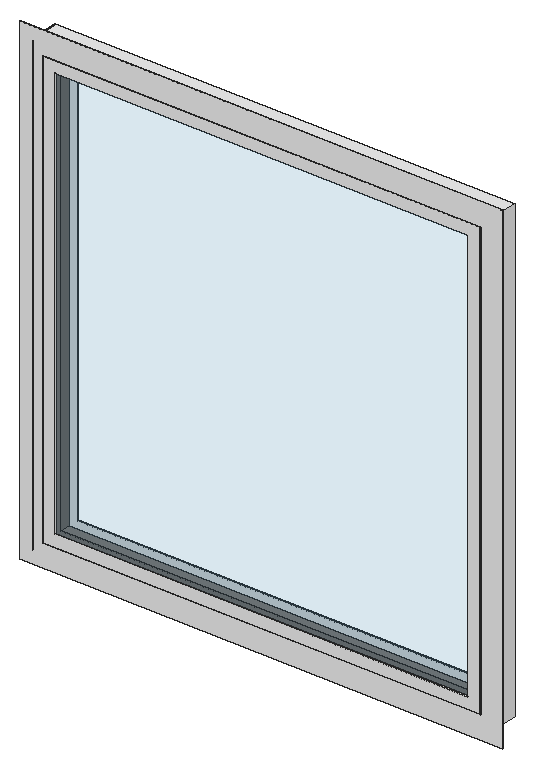
Revit family "Casement_34_E_Side_Hung_Standard", category Windows, host Wall, Revit 2014
Parameters (values of type "Casement_Sash_DG")
  Width Sash [instance] = 30 mm
  Width Sash Inner = 15 mm
  Width Bead = 15 mm
  Top Hung [instance] = yes
  Side Hung Right [instance] = yes
  Side Hung Left [instance] = yes
  Sash Opening Width [instance] = 600 mm
  Sash Opening Height [instance] = 600.312 mm
  Sash Lip = 15 mm
  Glazing Material [instance] = Glass
  DG Start Piece 2 [instance] = DG End Piece 1 + DG Gasket Thickness  # 25 mm
  DG Start Peice 1 [instance] = (Depth Sash - (2 * DG Glazing Thickness) - DG Gasket Thickness) / 2  # 6.6 mm
  Glazing Offset = 5 mm
  DG Glazing Thickness [instance] = 6.4 mm
  DG Gasket Thickness = 12 mm  # constant formula
  DG Gasket Material [instance] = Double Glazing Gasket Material
  DG End Piece 2 [instance] = DG Start Piece 2 + DG Glazing Thickness  # 31.4 mm
  DG End Piece 1 [instance] = DG Start Peice 1 + DG Glazing Thickness  # 13 mm
  Depth Sash [instance] = 38 mm
  Center Vertical Sash [instance] = Sash Opening Height / 2  # 300.156 mm
  Center Horizontal Sash [instance] = Sash Opening Width / 2  # 300 mm
  Bottom Hung [instance] = yes
  Bead Offset = 15 mm
  Aluminium Thickness = 1 mm
  Aluminium Material [instance] = White Powder Coated Aluminium
Reference planes
  plane 1 "Center (Front/Back)": y = 0
  plane 2: z = 0
  plane 3 "Center (Left/Right)": x = 0
Forms (mm)
  Sweep 1, solid, material "White Powder Coated Aluminium" <- "Aluminium Material"
    path origin (16.177, 0, 121.331) x (1, 0, 0) y (0, 0, 1)
      loop
        line (0, 0) -> (600, 0) -> (600, 600.312) -> (0, 600.312) -> (0, 0)
    profile origin (316.177, 0, 121.331) x (0, 0, 1) y (0, -1, 0)
      loop
        line (0, 0) -> (30, 0) -> (30, 1) -> (15, 1) -> (15, 38) -> (-15, 38) -> (-15, 37) -> (0, 37) -> (0, 0)
      loop
        line (14, 1) -> (14, 37) -> (1, 37) -> (1, 1) -> (14, 1)
  Sweep 2, solid, material "White Powder Coated Aluminium" <- "Aluminium Material"
    path origin (0, 0, 0) x (1, 0, 0) y (0, 0, 1)
      loop
        line (31.177, 706.643) -> (31.177, 136.331) -> (601.177, 136.331) -> (601.177, 706.643) -> (31.177, 706.643)
    profile origin (316.177, 0, 706.643) x (0, 0, 1) y (0, -1, 0)
      loop
        line (0, 37) -> (0, 38) -> (-15, 38) -> (-15, 37) -> (0, 37)
  Extrusion 3, solid, material "Glass" <- "Glazing Material"
    sketch origin (0, 0, 0) x (1, 0, 0) y (0, 0, 1)
      loop
        line (36.177, 701.643) -> (36.177, 141.331) -> (596.177, 141.331) -> (596.177, 701.643) -> (36.177, 701.643)
    from 6.6 <- "DG Start Peice 1" to 13 <- "DG End Piece 1"
  Extrusion 4, solid, material "Glass" <- "Glazing Material"
    sketch origin (0, 0, 0) x (1, 0, 0) y (0, 0, 1)
      loop
        line (36.177, 701.643) -> (36.177, 141.331) -> (596.177, 141.331) -> (596.177, 701.643) -> (36.177, 701.643)
    from 31.4 <- "DG End Piece 2" to 25 <- "DG Start Piece 2"
  Sweep 5, solid, material "Double Glazing Gasket Material" <- "DG Gasket Material"
    path origin (0, -13, 0) x (1, 0, 0) y (0, 0, 1)
      loop
        line (36.177, 701.643) -> (36.177, 141.331) -> (596.177, 141.331) -> (596.177, 701.643) -> (36.177, 701.643)
    profile origin (316.177, -13, 701.643) x (0, 0, 1) y (0, -1, 0)
      loop
        line (0, 0) -> (0, 12) -> (-7.96, 12) -> (-7.96, 0) -> (0, 0)
Lines and regions (mm)
  model lines
    curve 1: line (1.177, -38, 736.643) -> (31.177, -38, 706.643)
    curve 2: line (601.177, -38, 706.643) -> (631.177, -38, 736.643)
    curve 3: line (601.177, -38, 136.331) -> (631.177, -38, 106.331)
    curve 4: line (1.177, -38, 106.331) -> (31.177, -38, 136.331)
    curve 5: line (631.177, -37, 736.643) -> (616.177, -37, 721.643)
    curve 6: line (1.177, -37, 736.643) -> (16.177, -37, 721.643)
    curve 7: line (1.177, -37, 106.331) -> (16.177, -37, 121.331)
    curve 8: line (631.177, -37, 106.331) -> (616.177, -37, 121.331)
    curve 9: line (616.177, 0, 121.331) -> (586.177, 0, 151.331)
    curve 10: line (46.177, 0, 151.331) -> (16.177, 0, 121.331)
    curve 11: line (616.177, 0, 721.643) -> (586.177, 0, 691.643)
    curve 12: line (46.177, 0, 691.643) -> (16.177, 0, 721.643)
    curve 13: line (31.177, -38, 691.643) -> (46.177, -38, 691.643)
    curve 14: line (586.177, -38, 691.643) -> (601.177, -38, 691.643)
    curve 15: line (586.177, -38, 151.331) -> (601.177, -38, 151.331)
    curve 16: line (31.177, -38, 151.331) -> (46.177, -38, 151.331)
  model lines, style "GenericModelHiddenLines", visible <- "Top Hung"
    curve 17: line (46.386, -31.4, 690.914) -> (316.177, -31.4, 151.331)
    curve 18: line (316.177, -31.4, 151.331) -> (586.177, -31.4, 691.331)
  model lines, style "GenericModelHiddenLines", visible <- "Bottom Hung"
    curve 19: line (46.177, -31.4, 151.331) -> (316.177, -31.4, 691.331)
    curve 20: line (316.177, -31.4, 691.331) -> (586.177, -31.4, 151.331)
  model lines, style "GenericModelHiddenLines", visible <- "Side Hung Left"
    curve 21: line (46.386, -31.4, 690.914) -> (585.24, -31.4, 421.487)
    curve 22: line (585.24, -31.4, 421.487) -> (46.177, -31.4, 151.331)
  model lines, style "GenericModelHiddenLines", visible <- "Side Hung Right"
    curve 23: line (586.177, -31.4, 691.331) -> (46.177, -31.4, 421.487)
    curve 24: line (46.177, -31.4, 421.487) -> (586.177, -31.4, 151.331)
Dimensions and locks
  "Aluminium Thickness": Sweep 1 sketch curve to Sweep 1 sketch curve  (x4)
  "Depth Sash": Sweep 1 sketch curve to Sweep 1 sketch curve
  "Sash Opening Width": Sweep 1 to Sweep 1
  "Sash Opening Height": Sweep 1 to Sweep 1
  "Width Sash": Sweep 1 sketch curve to Sweep 1 sketch curve  (x2)
  "Width Sash Inner": Sweep 1 sketch curve to Sweep 1 sketch curve
  "Sash Lip": Sweep 1 sketch curve to Sweep 1 sketch curve
  "Aluminium Thickness": Sweep 1 to Sweep 2 sketch curve
  "Glazing Offset": Sweep 2 to Extrusion 3 sketch curve  (x3)
  "Glazing Offset": Extrusion 3 sketch curve to Sweep 2
  Sweep 1 to Sweep 1 = 1 mm
  "Aluminium Thickness": Sweep 2 sketch curve to Sweep 2 sketch curve
  "Width Bead": Sweep 2 sketch curve to Sweep 2 sketch curve
  locked: Sweep 5 sketch curve to Sweep 5 sketch curve at 7.96
  "Center Horizontal Sash": Sweep 1 to curve 18
  "Center Horizontal Sash": Sweep 1 to curve 20
  "Center Vertical Sash": Sweep 1 to curve 22
  "Center Vertical Sash": Sweep 1 to curve 24
  aligned and locked: level to plane 2
  aligned and locked: Sweep 1 sketch curve to Sweep 1 sketch curve  (x2)
  aligned and locked: Sweep 2 sketch curve to Sweep 1  (x5)
  aligned and locked: Extrusion 4 sketch curve to Extrusion 3  (x4)
  aligned and locked: Sweep 5 sketch curve to Extrusion 3  (x5)
  aligned and locked: Extrusion 3 to Sweep 5 sketch curve
Automatic sketch dimensions
  plane 3 "Center (Left/Right)" to Sweep 1 sketch curve = 16.177 mm
  level to Sweep 1 sketch curve = 121.331 mm
  plane 3 "Center (Left/Right)" to Sweep 1 sketch curve = 616.177 mm
  level to Sweep 1 sketch curve = 721.643 mm
  profile plane to Sweep 5 sketch curve = 12 mm
  curve 7 to Sweep 1 = 0 mm  (x4)
  curve 6 to Sweep 1 = 0 mm  (x3)
  Sweep 1 to curve 6 = 0 mm
  curve 5 to Sweep 1 = 0 mm  (x3)
  curve 8 to Sweep 1 = 0 mm  (x4)
  Sweep 1 to curve 5 = 0 mm
  curve 16 to Sweep 2 = 0 mm  (x3)
  curve 13 to Sweep 2 = 0 mm  (x3)
  curve 15 to Sweep 2 = 0 mm
  Sweep 2 to curve 15 = 0 mm  (x2)
  curve 14 to Sweep 2 = 0 mm  (x2)
  Sweep 2 to curve 14 = 0 mm
  curve 1 to Sweep 1 = 0 mm  (x4)
  curve 4 to Sweep 1 = 0 mm  (x3)
  Sweep 1 to curve 4 = 0 mm
  curve 3 to Sweep 1 = 0 mm  (x3)
  curve 2 to Sweep 1 = 0 mm  (x4)
  Sweep 1 to curve 3 = 0 mm
  curve 10 to Sweep 1 = 0 mm  (x4)
  curve 12 to Sweep 1 = 0 mm  (x3)
  Sweep 1 to curve 12 = 0 mm
  curve 9 to Sweep 1 = 0 mm  (x4)
  curve 11 to Sweep 1 = 0 mm  (x3)
  Sweep 1 to curve 11 = 0 mm
  Sweep 1 sketch curve to plane 1 "Center (Front/Back)" = 0 mm
  profile plane to Sweep 1 sketch curve = 0 mm
  curve 21 to Extrusion 4 = 10.208 mm
  curve 19 to Extrusion 4 = 10 mm
  curve 23 to Extrusion 4 = 10 mm  (x2)
  curve 22 to Extrusion 4 = 10.937 mm
  curve 20 to Extrusion 4 = 10 mm
  curve 24 to Extrusion 4 = 10 mm
  curve 22 to Extrusion 4 = 10 mm
  curve 18 to Extrusion 4 = 10 mm
  curve 21 to Extrusion 4 = 10.729 mm
  curve 19 to Extrusion 4 = 10.312 mm
  curve 18 to Extrusion 4 = 10.312 mm
Types in the file's own list only (17): name | Windload Design | Width Sash Opening | Width Sash | Width Profile | Width Fixed Pane RHS | Width Fixed Pane Bottom LHS | Width Panel 1 | Width | Offset Window Exterior | Max System DG Unit Thickness | Max System DG One Piece Thickness | Max Pane Area | Limit Fixed Pane Width Min | Limit Fixed Pane Width Max | Limit Fixed Pane Height Min | Limit Fixed Pane Height Max | Intruderprufe U Value | Intruderprufe SHGC Value | Intruderprufe LowE U Value | Intruderprufe LowE SHGC Value | Height | Energy Advantage U Value | Energy Advantage SHGC Value | DG Thickness Calc | Custom Window Width | Custom Window Height | Window Exterior Offset | Custom Windload | Custom Sash Width | Custom Sash Height | Sash Spacing Inner | Sash Overlap | Sash Center Offset | SG Gasket Thickness | Offset Sash Left | Offset Sash Top | Offset Panel 4 Left | Offset Panel 3 Bead Top | Offset Mullion Left | Offset Transom Top | Offset Bead SG Center Reversed | Model | Manufacturer | Limit Window Width Min | Limit Window Width Max | Limit Window Height Min | Limit Window Height Max | Limit Sash Width Min | Limit Sash Width Max | Limit Sash Height Min | Limit Sash Height Max | Length Transom | Length Mullion | Height Sash Opening | Height Sash | Height Fixed Pane RHS | Height Fixed Pane Bottom LHS | Height Panel 1 | Description | Depth Mullion | Frame Center Offset | Depth Bead | Default Sill Height | Wall Closure | DG Gasket Finish | DG Extrusion Start | Mullion Depth Windload Based | Clearvue SHGC Value | Clearvue Insulated U Value | Clearvue Insulated SHGC Value | Clearvue Insulated LowE U Value | Clearvue Insulated LowE SHGC Value | Casement Dimension | Bead SG Gap | Area Pane Right | Area Pane Left Top | Area Pane Left Bottom | URL
  34-0915S-1000Pa | 1000 mm | 554 mm | 524 mm | 30 mm | 260 mm | 540 mm | 540 mm | 890 mm | 17 mm | 20 mm | 4 mm | 0.52 m² | 200 mm | 1500 mm | 200 mm | 1800 mm | 6.35 | 0.599 | 5.04 | 0.537 | 1490 mm | 5.2 | 0.571 | 4 mm | 890 mm | 1490 mm | 0 mm | 1000 mm | 554 mm | 1154 mm | 8 mm | 7 mm | 14 mm | 6 mm | 23 mm | 23 mm | 600 mm | 1200 mm | 570 mm | 1170 mm | 17 mm | "Casement 34" | "Crealco" | 830 mm | 2130 mm | 1430 mm | 1860 mm | 300 mm | 700 mm | 300 mm | 1500 mm | 540 mm | 1490 mm | 1154 mm | 1124 mm | 1430 mm | 260 mm | 1139 mm | "Window 34mm, Type E side hung" | 54 mm | 17 mm | 20 mm | 800 mm | By host | Double Glazing Gasket Material | 7 mm | 54 mm | 0.636 | 4.37 | 0.586 | 4.01 | 0.517 | 34 mm | 13 mm | 0.36 m² | 0.52 m² | 0.13 m² | 
  34-0915S-1500Pa | 1500 mm | 554 mm | 524 mm | 30 mm | 260 mm | 540 mm | 540 mm | 890 mm | 17 mm | 20 mm | 4 mm | 0.52 m² | 200 mm | 1500 mm | 200 mm | 1800 mm | 6.35 | 0.599 | 5.04 | 0.537 | 1490 mm | 5.2 | 0.571 | 4 mm | 890 mm | 1490 mm | 0 mm | 1500 mm | 554 mm | 1154 mm | 8 mm | 7 mm | 14 mm | 6 mm | 23 mm | 23 mm | 600 mm | 1200 mm | 570 mm | 1170 mm | 17 mm | "Casement 34" | "Crealco" | 830 mm | 2130 mm | 1430 mm | 1860 mm | 300 mm | 700 mm | 300 mm | 1500 mm | 540 mm | 1490 mm | 1154 mm | 1124 mm | 1430 mm | 260 mm | 1139 mm | "Window 34mm, Type E side hung" | 54 mm | 17 mm | 20 mm | 800 mm | By host | Double Glazing Gasket Material | 7 mm | 54 mm | 0.636 | 4.37 | 0.586 | 4.01 | 0.517 | 34 mm | 13 mm | 0.36 m² | 0.52 m² | 0.13 m² | 
  34-0915S-2000Pa | 2000 mm | 554 mm | 524 mm | 30 mm | 260 mm | 540 mm | 540 mm | 890 mm | 17 mm | 20 mm | 4 mm | 0.52 m² | 200 mm | 1500 mm | 200 mm | 1800 mm | 6.35 | 0.599 | 5.04 | 0.537 | 1490 mm | 5.2 | 0.571 | 4 mm | 890 mm | 1490 mm | 0 mm | 2000 mm | 554 mm | 1154 mm | 8 mm | 7 mm | 14 mm | 6 mm | 23 mm | 23 mm | 600 mm | 1200 mm | 570 mm | 1170 mm | 17 mm | "Casement 34" | "Crealco" | 830 mm | 2130 mm | 1430 mm | 1860 mm | 300 mm | 700 mm | 300 mm | 1500 mm | 540 mm | 1490 mm | 1154 mm | 1124 mm | 1430 mm | 260 mm | 1139 mm | "Window 34mm, Type E side hung" | 54 mm | 17 mm | 20 mm | 800 mm | By host | Double Glazing Gasket Material | 7 mm | 54 mm | 0.636 | 4.37 | 0.586 | 4.01 | 0.517 | 34 mm | 13 mm | 0.36 m² | 0.52 m² | 0.13 m² | 
  34-1515S-1000Pa | 1000 mm | 554 mm | 524 mm | 30 mm | 860 mm | 540 mm | 540 mm | 1490 mm | 17 mm | 20 mm | 4 mm | 1.21 m² | 200 mm | 1500 mm | 200 mm | 1800 mm | 6.68 | 0.726 | 4.9 | 0.644 | 1490 mm | 5.08 | 0.689 | 4 mm | 1490 mm | 1490 mm | 0 mm | 1000 mm | 554 mm | 1154 mm | 8 mm | 7 mm | 14 mm | 6 mm | 23 mm | 23 mm | 600 mm | 1200 mm | 570 mm | 1170 mm | 17 mm | "Casement 34" | "Crealco" | 830 mm | 2130 mm | 1430 mm | 1860 mm | 300 mm | 700 mm | 300 mm | 1500 mm | 540 mm | 1490 mm | 1154 mm | 1124 mm | 1430 mm | 260 mm | 1139 mm | "Window 34mm, Type E side hung" | 54 mm | 17 mm | 20 mm | 800 mm | By host | Double Glazing Gasket Material | 7 mm | 54 mm | 0.769 | 4.15 | 0.694 | 3.57 | 0.621 | 34 mm | 13 mm | 1.21 m² | 0.52 m² | 0.13 m² | 
  34-1515S-1500Pa | 1500 mm | 554 mm | 524 mm | 30 mm | 860 mm | 540 mm | 540 mm | 1490 mm | 17 mm | 20 mm | 4 mm | 1.21 m² | 200 mm | 1500 mm | 200 mm | 1800 mm | 6.68 | 0.726 | 4.9 | 0.644 | 1490 mm | 5.08 | 0.689 | 4 mm | 1490 mm | 1490 mm | 0 mm | 1500 mm | 554 mm | 1154 mm | 8 mm | 7 mm | 14 mm | 6 mm | 23 mm | 23 mm | 600 mm | 1200 mm | 570 mm | 1170 mm | 17 mm | "Casement 34" | "Crealco" | 830 mm | 2130 mm | 1430 mm | 1860 mm | 300 mm | 700 mm | 300 mm | 1500 mm | 540 mm | 1490 mm | 1154 mm | 1124 mm | 1430 mm | 260 mm | 1139 mm | "Window 34mm, Type E side hung" | 54 mm | 17 mm | 20 mm | 800 mm | By host | Double Glazing Gasket Material | 7 mm | 54 mm | 0.769 | 4.15 | 0.694 | 3.57 | 0.621 | 34 mm | 13 mm | 1.21 m² | 0.52 m² | 0.13 m² | 
  34-1515S-2000Pa | 2000 mm | 554 mm | 524 mm | 30 mm | 860 mm | 540 mm | 540 mm | 1490 mm | 17 mm | 20 mm | 4 mm | 1.21 m² | 200 mm | 1500 mm | 200 mm | 1800 mm | 6.85 | 0.727 | 4.95 | 0.644 | 1490 mm | 5.16 | 0.689 | 4 mm | 1490 mm | 1490 mm | 0 mm | 2000 mm | 554 mm | 1154 mm | 8 mm | 7 mm | 14 mm | 6 mm | 23 mm | 23 mm | 600 mm | 1200 mm | 570 mm | 1170 mm | 17 mm | "Casement 34" | "Crealco" | 830 mm | 2130 mm | 1430 mm | 1860 mm | 300 mm | 700 mm | 300 mm | 1500 mm | 540 mm | 1490 mm | 1154 mm | 1124 mm | 1430 mm | 260 mm | 1139 mm | "Window 34mm, Type E side hung" | 70 mm | 17 mm | 20 mm | 800 mm | By host | Double Glazing Gasket Material | 7 mm | 70 mm | 0.77 | 4.27 | 0.684 | 3.61 | 0.623 | 34 mm | 13 mm | 1.21 m² | 0.52 m² | 0.13 m² | 
  34-0918S-1000Pa | 1000 mm | 554 mm | 524 mm | 30 mm | 260 mm | 540 mm | 540 mm | 890 mm | 17 mm | 20 mm | 4 mm | 0.52 m² | 200 mm | 1500 mm | 200 mm | 1800 mm | 6.65 | 0.646 | 5.23 | 0.577 | 1790 mm | 5.39 | 0.615 | 4 mm | 890 mm | 1790 mm | 0 mm | 1000 mm | 554 mm | 1154 mm | 8 mm | 7 mm | 14 mm | 6 mm | 23 mm | 23 mm | 600 mm | 1200 mm | 570 mm | 1170 mm | 17 mm | "Casement 34" | "Crealco" | 830 mm | 2130 mm | 1430 mm | 1860 mm | 300 mm | 700 mm | 300 mm | 1500 mm | 540 mm | 1790 mm | 1154 mm | 1124 mm | 1730 mm | 560 mm | 1139 mm | "Window 34mm, Type E side hung" | 54 mm | 17 mm | 20 mm | 800 mm | By host | Double Glazing Gasket Material | 7 mm | 54 mm | 0.685 | 4.51 | 0.629 | 4.1 | 0.556 | 34 mm | 13 mm | 0.43 m² | 0.52 m² | 0.29 m² | 
  34-0918S-1500Pa | 1500 mm | 554 mm | 524 mm | 30 mm | 260 mm | 540 mm | 540 mm | 890 mm | 17 mm | 20 mm | 4 mm | 0.52 m² | 200 mm | 1500 mm | 200 mm | 1800 mm | 6.65 | 0.646 | 5.23 | 0.577 | 1790 mm | 5.39 | 0.615 | 4 mm | 890 mm | 1790 mm | 0 mm | 1500 mm | 554 mm | 1154 mm | 8 mm | 7 mm | 14 mm | 6 mm | 23 mm | 23 mm | 600 mm | 1200 mm | 570 mm | 1170 mm | 17 mm | "Casement 34" | "Crealco" | 830 mm | 2130 mm | 1430 mm | 1860 mm | 300 mm | 700 mm | 300 mm | 1500 mm | 540 mm | 1790 mm | 1154 mm | 1124 mm | 1730 mm | 560 mm | 1139 mm | "Window 34mm, Type E side hung" | 54 mm | 17 mm | 20 mm | 800 mm | By host | Double Glazing Gasket Material | 7 mm | 54 mm | 0.685 | 4.51 | 0.629 | 4.1 | 0.556 | 34 mm | 13 mm | 0.43 m² | 0.52 m² | 0.29 m² | 
  34-0918S-2000Pa | 2000 mm | 554 mm | 524 mm | 30 mm | 260 mm | 540 mm | 540 mm | 890 mm | 17 mm | 20 mm | 4 mm | 0.52 m² | 200 mm | 1500 mm | 200 mm | 1800 mm | 6.93 | 0.647 | 5.32 | 0.578 | 1790 mm | 5.5 | 0.615 | 4 mm | 890 mm | 1790 mm | 0 mm | 2000 mm | 554 mm | 1154 mm | 8 mm | 7 mm | 14 mm | 6 mm | 23 mm | 23 mm | 600 mm | 1200 mm | 570 mm | 1170 mm | 17 mm | "Casement 34" | "Crealco" | 830 mm | 2130 mm | 1430 mm | 1860 mm | 300 mm | 700 mm | 300 mm | 1500 mm | 540 mm | 1790 mm | 1154 mm | 1124 mm | 1730 mm | 560 mm | 1139 mm | "Window 34mm, Type E side hung" | 70 mm | 17 mm | 20 mm | 800 mm | By host | Double Glazing Gasket Material | 7 mm | 70 mm | 0.686 | 4.7 | 0.613 | 4.1 | 0.559 | 34 mm | 13 mm | 0.43 m² | 0.52 m² | 0.29 m² | 
  34-1218S-1000Pa | 1000 mm | 554 mm | 524 mm | 30 mm | 560 mm | 540 mm | 540 mm | 1190 mm | 17 mm | 20 mm | 4 mm | 0.95 m² | 200 mm | 1500 mm | 200 mm | 1800 mm | 7.06 | 0.747 | 5.3 | 0.664 | 1790 mm | 5.47 | 0.709 | 4 mm | 1190 mm | 1790 mm | 0 mm | 1000 mm | 554 mm | 1154 mm | 8 mm | 7 mm | 14 mm | 6 mm | 23 mm | 23 mm | 600 mm | 1200 mm | 570 mm | 1170 mm | 17 mm | "Casement 34" | "Crealco" | 830 mm | 2130 mm | 1430 mm | 1860 mm | 300 mm | 700 mm | 300 mm | 1500 mm | 540 mm | 1790 mm | 1154 mm | 1124 mm | 1730 mm | 560 mm | 1139 mm | "Window 34mm, Type E side hung" | 54 mm | 17 mm | 20 mm | 800 mm | By host | Double Glazing Gasket Material | 7 mm | 54 mm | 0.791 | 4.5 | 0.718 | 3.94 | 0.64 | 34 mm | 13 mm | 0.95 m² | 0.52 m² | 0.29 m² | 
  34-1218S-1500Pa | 1500 mm | 554 mm | 524 mm | 30 mm | 560 mm | 540 mm | 540 mm | 1190 mm | 17 mm | 20 mm | 4 mm | 0.95 m² | 200 mm | 1500 mm | 200 mm | 1800 mm | 7.28 | 0.748 | 5.37 | 0.664 | 1790 mm | 5.56 | 0.709 | 4 mm | 1190 mm | 1790 mm | 0 mm | 1500 mm | 554 mm | 1154 mm | 8 mm | 7 mm | 14 mm | 6 mm | 23 mm | 23 mm | 600 mm | 1200 mm | 570 mm | 1170 mm | 17 mm | "Casement 34" | "Crealco" | 830 mm | 2130 mm | 1430 mm | 1860 mm | 300 mm | 700 mm | 300 mm | 1500 mm | 540 mm | 1790 mm | 1154 mm | 1124 mm | 1730 mm | 560 mm | 1139 mm | "Window 34mm, Type E side hung" | 70 mm | 17 mm | 20 mm | 800 mm | By host | Double Glazing Gasket Material | 7 mm | 70 mm | 0.792 | 4.65 | 0.705 | 3.99 | 0.642 | 34 mm | 13 mm | 0.95 m² | 0.52 m² | 0.29 m² | 
  34-1218S-2000Pa | 2000 mm | 554 mm | 524 mm | 30 mm | 560 mm | 540 mm | 540 mm | 1190 mm | 17 mm | 20 mm | 4 mm | 0.95 m² | 200 mm | 1500 mm | 200 mm | 1800 mm | 7.28 | 0.748 | 5.37 | 0.664 | 1790 mm | 5.56 | 0.709 | 4 mm | 1190 mm | 1790 mm | 0 mm | 2000 mm | 554 mm | 1154 mm | 8 mm | 7 mm | 14 mm | 6 mm | 23 mm | 23 mm | 600 mm | 1200 mm | 570 mm | 1170 mm | 17 mm | "Casement 34" | "Crealco" | 830 mm | 2130 mm | 1430 mm | 1860 mm | 300 mm | 700 mm | 300 mm | 1500 mm | 540 mm | 1790 mm | 1154 mm | 1124 mm | 1730 mm | 560 mm | 1139 mm | "Window 34mm, Type E side hung" | 70 mm | 17 mm | 20 mm | 800 mm | By host | Double Glazing Gasket Material | 7 mm | 70 mm | 0.792 | 4.65 | 0.705 | 3.99 | 0.642 | 34 mm | 13 mm | 0.95 m² | 0.52 m² | 0.29 m² | 
  34-1518S-1000Pa | 1000 mm | 554 mm | 524 mm | 30 mm | 860 mm | 540 mm | 540 mm | 1490 mm | 17 mm | 20 mm | 4 mm | 1.46 m² | 200 mm | 1500 mm | 200 mm | 1800 mm | 7.34 | 0.814 | 5.34 | 0.722 | 1790 mm | 7.9 | 0 | 4 mm | 1490 mm | 1790 mm | 0 mm | 1000 mm | 554 mm | 1154 mm | 8 mm | 7 mm | 14 mm | 6 mm | 23 mm | 23 mm | 600 mm | 1200 mm | 570 mm | 1170 mm | 17 mm | "Casement 34" | "Crealco" | 830 mm | 2130 mm | 1430 mm | 1860 mm | 300 mm | 700 mm | 300 mm | 1500 mm | 540 mm | 1790 mm | 1154 mm | 1124 mm | 1730 mm | 560 mm | 1139 mm | "Window 34mm, Type E side hung" | 54 mm | 17 mm | 20 mm | 800 mm | By host | Double Glazing Gasket Material | 7 mm | 54 mm | 0 | 4.49 | 0.777 | 3.83 | 0.696 | 34 mm | 13 mm | 1.46 m² | 0.52 m² | 0.29 m² | 
  34-1518S-1500Pa | 1500 mm | 554 mm | 524 mm | 30 mm | 860 mm | 540 mm | 540 mm | 1490 mm | 17 mm | 20 mm | 4 mm | 1.46 m² | 200 mm | 1500 mm | 200 mm | 1800 mm | 7.52 | 0.816 | 5.4 | 0.722 | 1790 mm | 7.9 | 0 | 4 mm | 1490 mm | 1790 mm | 0 mm | 1500 mm | 554 mm | 1154 mm | 8 mm | 7 mm | 14 mm | 6 mm | 23 mm | 23 mm | 600 mm | 1200 mm | 570 mm | 1170 mm | 17 mm | "Casement 34" | "Crealco" | 830 mm | 2130 mm | 1430 mm | 1860 mm | 300 mm | 700 mm | 300 mm | 1500 mm | 540 mm | 1790 mm | 1154 mm | 1124 mm | 1730 mm | 560 mm | 1139 mm | "Window 34mm, Type E side hung" | 70 mm | 17 mm | 20 mm | 800 mm | By host | Double Glazing Gasket Material | 7 mm | 70 mm | 0 | 4.61 | 0.766 | 3.87 | 0.697 | 34 mm | 13 mm | 1.46 m² | 0.52 m² | 0.29 m² | "http://www.crealco.co.za/crealco-products.php"
  34-1215S-1000Pa | 1000 mm | 554 mm | 524 mm | 30 mm | 560 mm | 540 mm | 540 mm | 1190 mm | 17 mm | 20 mm | 4 mm | 0.78 m² | 200 mm | 1500 mm | 200 mm | 1800 mm | 6.55 | 0.677 | 4.65 | 0.603 | 1490 mm | 5.13 | 0.643 | 4 mm | 1190 mm | 1490 mm | 0 mm | 1000 mm | 554 mm | 1154 mm | 8 mm | 7 mm | 14 mm | 6 mm | 23 mm | 23 mm | 600 mm | 1200 mm | 570 mm | 1170 mm | 17 mm | "Casement 34" | "Crealco" | 830 mm | 2130 mm | 1430 mm | 1860 mm | 300 mm | 700 mm | 300 mm | 1500 mm | 540 mm | 1490 mm | 1154 mm | 1124 mm | 1430 mm | 260 mm | 1139 mm | "Window 34mm, Type E side hung" | 54 mm | 17 mm | 20 mm | 800 mm | By host | Double Glazing Gasket Material | 7 mm | 54 mm | 0.718 | 4.23 | 0.652 | 3.74 | 0.581 | 34 mm | 13 mm | 0.78 m² | 0.52 m² | 0.13 m² | 
  34-1215S-1500Pa | 1500 mm | 554 mm | 524 mm | 30 mm | 560 mm | 540 mm | 540 mm | 1190 mm | 17 mm | 20 mm | 4 mm | 0.78 m² | 200 mm | 1500 mm | 200 mm | 1800 mm | 6.55 | 0.677 | 4.65 | 0.603 | 1490 mm | 5.13 | 0.643 | 4 mm | 1190 mm | 1490 mm | 0 mm | 1500 mm | 554 mm | 1154 mm | 8 mm | 7 mm | 14 mm | 6 mm | 23 mm | 23 mm | 600 mm | 1200 mm | 570 mm | 1170 mm | 17 mm | "Casement 34" | "Crealco" | 830 mm | 2130 mm | 1430 mm | 1860 mm | 300 mm | 700 mm | 300 mm | 1500 mm | 540 mm | 1490 mm | 1154 mm | 1124 mm | 1430 mm | 260 mm | 1139 mm | "Window 34mm, Type E side hung" | 54 mm | 17 mm | 20 mm | 800 mm | By host | Double Glazing Gasket Material | 7 mm | 54 mm | 0.718 | 4.23 | 0.652 | 3.74 | 0.581 | 34 mm | 13 mm | 0.78 m² | 0.52 m² | 0.13 m² | 
  34-1215S-2000Pa | 2000 mm | 554 mm | 524 mm | 30 mm | 560 mm | 540 mm | 540 mm | 1190 mm | 17 mm | 20 mm | 4 mm | 0.78 m² | 200 mm | 1500 mm | 200 mm | 1800 mm | 6.55 | 0.677 | 4.65 | 0.603 | 1490 mm | 5.13 | 0.643 | 4 mm | 1190 mm | 1490 mm | 0 mm | 2000 mm | 554 mm | 1154 mm | 8 mm | 7 mm | 14 mm | 6 mm | 23 mm | 23 mm | 600 mm | 1200 mm | 570 mm | 1170 mm | 17 mm | "Casement 34" | "Crealco" | 830 mm | 2130 mm | 1430 mm | 1860 mm | 300 mm | 700 mm | 300 mm | 1500 mm | 540 mm | 1490 mm | 1154 mm | 1124 mm | 1430 mm | 260 mm | 1139 mm | "Window 34mm, Type E side hung" | 54 mm | 17 mm | 20 mm | 800 mm | By host | Double Glazing Gasket Material | 7 mm | 54 mm | 0.718 | 4.23 | 0.652 | 3.74 | 0.581 | 34 mm | 13 mm | 0.78 m² | 0.52 m² | 0.13 m² | 
